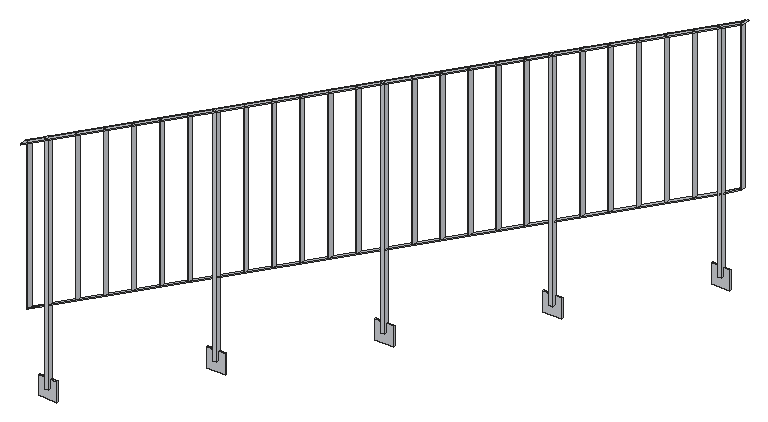
Revit family "AVLN_Ограждение типовое_4 секции", category Специальное оборудование, Revit 2019
Family settings
  Размер круглого соединителя = Использовать диаметр
  Тип детали = Нормальный
  На основе рабочей плоскости = Нет
  Всегда вертикально = Да
  При загрузке вырезать с полостями = Нет
  Общий = Нет
  Точка расчета площади = Нет
Parameters (values of type "Длина 3600")
  число стоек = if(Число стоек расчет < 2, 2, Число стоек расчет + 1)  # 3
  справа до стойки = 900 mm
  перепад высоты 1 = tan(Угол_реальный) * Шаг разделительных стоек  # 75 mm
  перепад высоты = tan(Угол_реальный) * Длина  # 1800 mm
  перепад высота 2 = tan(Угол_реальный) * Смещение крайних стоек  # 55 mm
  от 3 до4 стержня = 200 mm
  Ширина проступи = 300 mm
  Шаг разделительных стоек 4 = слева до стойки + Расстояние между стойками * 3 + Шаг разделительных стоек  # 3750 mm
  Шаг разделительных стоек 3 = слева до стойки + Расстояние между стойками * 2 + Шаг разделительных стоек  # 2850 mm
  Шаг разделительных стоек 2 = слева до стойки + Расстояние между стойками + Шаг разделительных стоек  # 1950 mm
  Шаг разделительных стоек 1 = слева до стойки + Шаг разделительных стоек  # 1050 mm
  Шаг разделительных стоек = 150 mm
  Число стоек расчет = (Длина - (слева до стойки + справа до стойки)) / Расстояние между стойками  # 2
  Число разделительных стоек 3 = if(Число стоек расчет < 2, 2, справа до стойки / Шаг разделительных стоек - 1)  # 5
  Число разделительных стоек 2 = if(Число стоек расчет < 2, 2, Расстояние между стойками / Шаг разделительных стоек - 1)  # 5
  Число разделительных стоек 1 = if(Число стоек расчет < 2, 2, слева до стойки / Шаг разделительных стоек - 1)  # 5
  Уклон по углу = no
  Угол_реальный = if(Уклон по углу, Угол, atan(Высота подступенка / Ширина проступи))  # 26.5651°
  Угол 2 = 90.00° - Угол_реальный  # 63.4349°
  Угол 1 = 145.00° - Угол_реальный  # 118.435°
  Угол = 20.00°
  Стойка последняя = yes
  Стойка первая = yes
  Стойка = направляющие : Прокат_квадрат_20х20
  Стержень_3 = направляющие : Прокат_квадрат_20х20
  Стержень_2 = направляющие : Прокат_квадрат_20х20
  Стержень_1 = направляющие : Прокат_квадрат_20х20
  Стержень 4 = направляющие : Прокат_полоса 25х4
  Смещение стоек по высоте справа = tan(Угол_реальный) * справа до стойки  # 450 mm
  Смещение стоек по высоте слева = tan(Угол_реальный) * слева до стойки  # 450 mm
  Смещение разделительных стоек 4 = tan(Угол_реальный) * Шаг разделительных стоек 4  # 1875 mm
  Смещение разделительных стоек 3 = tan(Угол_реальный) * Шаг разделительных стоек 3  # 1425 mm
  Смещение разделительных стоек 2 = tan(Угол_реальный) * Шаг разделительных стоек 2  # 975 mm
  Смещение разделительных стоек 1 = tan(Угол_реальный) * Шаг разделительных стоек 1  # 525 mm
  Смещение поручня по высоте = tan(Угол_реальный) * Вылет верхнего поручня лево  # 65 mm
  Смещение крайних стоек = 110 mm
  Расчет [instance] = ""
  Расстояние между стойками = 900 mm
  от поручня до стержня 1 = 200 mm
  от 2 до 3 стержня = 200 mm
  от 1 до 2 стержня = 200 mm
  слева до стойки = 900 mm
  высота поручня от ур.ч.п. = 1000 mm
  смещение вниз от ур.ч.п = 200 mm
  Стоимость = 0
  Расстояние до стены = 0 mm
  Разделительная стойка = направляющие : Прокат_полоса 25х4
  Позиция для ограждения = 0
  Перепад высоты верхнего поручня = tan(Угол_реальный) * (Длина + Вылет верхнего поручня лево + Вылет верхнего поручня право)  # 1930 mm
  Мега_массив = число стоек - 1  # 2
  Марка ограждения = ""
  Крепление к стене = Крепление к стене : 100 х 100 х 6_вертикальная
  Крайняя стойка длина = sqrt(перепад высота 2 ^ 2 + Смещение крайних стоек ^ 2)  # 122.984 mm
  Комментарии к типоразмеру = "тип 1"
  Keynote = ""
  Manufacturer = ""
  Заверщаюший сегмент справа = yes
  Заверщаюший сегмент слева = yes
  Длина_проверочная = (слева до стойки + справа до стойки) + ((число стоек - 1) * Расстояние между стойками)  # 3600 mm
  Длина гипотенузы верхнего поручня = sqrt(Перепад высоты верхнего поручня ^ 2 + (Длина + Вылет верхнего поручня лево + Вылет верхнего поручня право) ^ 2)  # 4315.611 mm
  Длина гипотенузы = sqrt(перепад высоты ^ 2 + Длина ^ 2)  # 4024.922 mm
  Длина = 3600 mm
  Высота разделительных стоек = от поручня до стержня 1 + от 1 до 2 стержня + от 2 до 3 стержня + от 3 до4 стержня  # 800 mm
  Высота стоек = высота поручня от ур.ч.п. + смещение вниз от ур.ч.п  # 1200 mm
  Высота подступенка = 150 mm
  Высота ограждения [instance] = 1200 mm
  Вылет верхнего поручня право = 130 mm
  Вылет верхнего поручня лево = 130 mm
  Видимость_стержень_4 = yes
  Видимость_стержень_3 = no
  Видимость_стержень_2 = no
  Видимость_стержень_1 = no
  Верхний поручень = направляющие : Прокат_полоса_40х4
  URL = ""
  ADSK_Позиция = ""
  ADSK_Обозначение = ""
  ADSK_Номер секции [instance] = ""
  ADSK_Наименование = ""
Types (3, lengths in mm): name | справа до стойки | перепад высоты | Шаг разделительных стоек 4 | Шаг разделительных стоек 3 | Шаг разделительных стоек 2 | Шаг разделительных стоек 1 | Число разделительных стоек 3 | Число разделительных стоек 2 | Число разделительных стоек 1 | Угол | Смещение стоек по высоте справа | Смещение стоек по высоте слева | Смещение разделительных стоек 4 | Смещение разделительных стоек 3 | Смещение разделительных стоек 2 | Смещение разделительных стоек 1 | Расстояние между стойками | слева до стойки | Перепад высоты верхнего поручня | Длина_проверочная | Длина гипотенузы верхнего поручня | Длина гипотенузы | Длина | Вылет верхнего поручня право
  Длина 3600 | 900 | 1800 | 3750 | 2850 | 1950 | 1050 | 5 | 5 | 5 | 20.00° | 450 | 450 | 1875 | 1425 | 975 | 525 | 900 | 900 | 1930 | 3600 | 4315.611 | 4024.922 | 3600 | 130
  Длина 3300 | 600 | 1650 | 3750 | 2850 | 1950 | 1050 | 3 | 5 | 5 | 20.00° | 300 | 450 | 1875 | 1425 | 975 | 525 | 900 | 900 | 1780 | 3300 | 3980.201 | 3689.512 | 3300 | 130
  Длина 2400 | 600 | 1200 | 2550 | 1950 | 1350 | 750 | 3 | 3 | 3 | 45.00° | 300 | 300 | 1275 | 975 | 675 | 375 | 600 | 600 | 1265 | 2400 | 2828.626 | 2683.282 | 2400 | 0
Reference planes
  plane 1 "По центру (Вперед/Назад)": y = 0
  plane 2: z = 0
  plane 3 "Слева": x = 0
  plane 4 "справа до стойки": x = 2700
  plane 5: z = 800
  plane 6: y = 10
  plane 7 "Слева до стойки": x = 900
  plane 8 "справа": x = 3600
  plane 9: z = -200
  plane 10: z = 1000
  plane 11 "2 стерженьь": z = 600
  plane 12 "3 стерженьь": z = 400
  plane 13: z = 1600
  plane 14 "1 стержень": z = 2600
  plane 15 "поручень": z = 2800
  plane 16 "2 стержень": z = 2400
  plane 17 "3 стержень": z = 2200
  plane 18: z = 1800
  plane 19: x = 1800
  plane 20: z = 1150
  plane 21: z = 250
  plane 22: x = 150
  plane 23: x = 2850
  plane 24 "4стержень": z = 200
  plane 25 "4 стержень": z = 2000
  plane 26: y = -10
  plane 27: y = 0
  plane 28: x = -130
  plane 29: z = 935
  plane 30: x = 4185.611
  plane 31: x = 1050
  plane 32: x = 1950
  plane 33: x = 2850
  plane 34 "Перекладина 1": z = 275
  plane 35 "Перекладина 2": z = 725
  plane 36 "Перекладина 3": z = 1175
  plane 37 "Перекладина 4": z = 1625
  plane 38 "Перекладина 5": z = 2075
  plane 39 "Перекладина 6": z = 350
  plane 40 "Перекладина 7": z = 800
  plane 41 "Перекладина 8": z = 1250
  plane 42 "Перекладина 9": z = 1700
  plane 43 "Перекладина 10": z = 2150
Lines and regions (mm)
  Masking region 1
    outline origin (750, -2.5, 250) x (1, 0, 0) y (0, 1, 0)
      loop
        circle (150, 0) r 10
  Masking region 2, not visible
    outline origin (-50, 0, 0) x (1, 0, 0) y (0, 1, 0)
      loop
        circle (150, 0) r 10
  Masking region 3
    outline origin (2550, -2.5, 1150) x (1, 0, 0) y (0, 1, 0)
      loop
        circle (150, 0) r 10
  Masking region 4
    outline origin (1050, 0, -200) x (1, 0, 0) y (0, 1, 0)
      loop
        circle (150, 0) r 10
  Masking region 5
    outline origin (1650, -2.5, 700) x (1, 0, 0) y (0, 1, 0)
      loop
        circle (150, 0) r 10
  reference lines
    curve 1: line (2570, 0, 935) -> (-130, 0, 935)
    curve 2: line (-130, 0, 935) -> (3730, 0, 2865)
    curve 3: line (3730, 0, 2865) -> (3707.639, 0, 2909.721)
    curve 4: line (0, 0, 800) -> (2700, 0, 800)
    curve 5: line (0, 0, 600) -> (2700, 0, 600)
    curve 6: line (0, 0, 400) -> (2700, 0, 400)
    curve 7: line (0, 0, 800) -> (3600, 0, 2600)
    curve 8: line (0, 0, 600) -> (3600, 0, 2400)
    curve 9: line (3600, 0, 2600) -> (3577.639, 0, 2644.721)
    curve 10: line (3600, 0, 2400) -> (3577.639, 0, 2444.721)
    curve 11: line (0, 0, 400) -> (3600, 0, 2200)
    curve 12: line (3600, 0, 2200) -> (3577.639, 0, 2244.721)
    curve 13: line (0, 0, 200) -> (2700, 0, 200)
    curve 14: line (0, 0, 200) -> (3600, 0, 2000)
    curve 15: line (3600, 0, 2000) -> (3577.639, 0, 2044.721)
  symbolic lines, style "SpecialityEquipment"
    curve 16: line (-130, 0, 2800) -> (4185.611, 0, 2800)
  symbolic lines
    curve 17: circle (900, -2.5, -1188.486) r 10 normal (0, 0, 1)
    curve 19: circle (2700, -2.5, -288.486) r 10 normal (0, 0, 1)
    curve 20: circle (1200, 0, -1638.486) r 10 normal (0, 0, 1)
    curve 21: circle (1800, -2.5, -738.486) r 10 normal (0, 0, 1)
  symbolic lines, not visible
    curve 18: circle (100, 0, -1438.486) r 10 normal (0, 0, 1)
Dimensions and locks
  plane 6 to plane 1 "По центру (Вперед/Назад)" = 10 mm
  "Длина": plane 8 "справа" to plane 3 "Слева"
  "слева до стойки": plane 7 "Слева до стойки" to plane 3 "Слева"
  plane 1 "По центру (Вперед/Назад)" to plane 6 = 10 mm
  "справа до стойки": plane 8 "справа" to plane 4 "справа до стойки"
  "высота поручня от ур.ч.п.": plane 10 to level
  "смещение вниз от ур.ч.п": plane 2 to plane 9
  "от поручня до стержня 1": plane 10 to plane 5
  "от 1 до 2 стержня": plane 5 to plane 11 "2 стерженьь"
  "от 2 до 3 стержня": plane 11 "2 стерженьь" to plane 12 "3 стерженьь"
  equal spacing: group 1, group 9, group 2  (x3)
  "Высота ограждения": plane 10 to plane 9
  "высота поручня от ур.ч.п.": plane 15 "поручень" to plane 18
  "от поручня до стержня 1": plane 15 "поручень" to plane 14 "1 стержень"
  "от 1 до 2 стержня": plane 14 "1 стержень" to plane 16 "2 стержень"
  "от 2 до 3 стержня": plane 16 "2 стержень" to plane 17 "3 стержень"
  "смещение вниз от ур.ч.п": plane 18 to plane 13
  equal spacing: plane 4 "справа до стойки", plane 19, plane 7 "Слева до стойки"
  "Длина гипотенузы верхнего поручня": curve 2 to curve 2
  "перепад высоты": plane 15 "поручень" to plane 10
  "Смещение стоек по высоте справа": plane 13 to plane 20
  "Смещение стоек по высоте слева": plane 21 to plane 9
  locked: curve 3 to curve 3 at 50
  locked: curve 9 to curve 9 at 50
  locked: curve 10 to curve 10 at 50
  locked: curve 12 to curve 12 at 50
  "Длина гипотенузы": curve 9 to curve 7
  "Длина гипотенузы": curve 10 to curve 8
  "Длина гипотенузы": curve 12 to curve 11
  equal spacing: group 3, group 10, group 4  (x3)
  locked: curve 15 to curve 15 at 50
  "от 3 до4 стержня": plane 17 "3 стержень" to plane 25 "4 стержень"
  "Длина гипотенузы": curve 15 to nested 9
  "от 3 до4 стержня": plane 12 "3 стерженьь" to plane 24 "4стержень"
  equal spacing: plane 26, plane 1 "По центру (Вперед/Назад)", plane 6
  locked: plane 26 to plane 6 at 20
  "Расстояние до стены": plane 27 to plane 1 "По центру (Вперед/Назад)"
  "Вылет верхнего поручня лево": plane 28 to plane 3 "Слева"
  "Смещение поручня по высоте": plane 10 to plane 29
  "Длина гипотенузы верхнего поручня": plane 28 to plane 30
  "Шаг разделительных стоек": plane 22 to plane 3 "Слева"
  equal spacing: group 12, group 13, group 20, group 24, group 25  (x3)
  "Шаг разделительных стоек": plane 31 to plane 7 "Слева до стойки"
  equal spacing: group 14, group 15, group 21, group 26, group 27  (x3)
  "Шаг разделительных стоек": plane 23 to plane 4 "справа до стойки"
  equal spacing: group 16, group 17, group 22, group 28, group 29  (x3)
  "Шаг разделительных стоек": nested 21 to plane 32
  equal spacing: group 18, group 19, group 23, group 30, group 31  (x3)
  "Шаг разделительных стоек": nested 23 to plane 33
  "Шаг разделительных стоек": nested 17 to plane 22
  "Шаг разделительных стоек": nested 19 to plane 31
  "перепад высоты 1": plane 39 "Перекладина 6" to plane 34 "Перекладина 1"
  "перепад высоты 1": plane 40 "Перекладина 7" to plane 35 "Перекладина 2"
  "перепад высоты 1": plane 41 "Перекладина 8" to plane 36 "Перекладина 3"
  "перепад высоты 1": plane 42 "Перекладина 9" to plane 37 "Перекладина 4"
  "перепад высоты 1": plane 43 "Перекладина 10" to plane 38 "Перекладина 5"
  "перепад высоты 1": plane 34 "Перекладина 1" to plane 24 "4стержень"
  "Шаг разделительных стоек 1": plane 31 to plane 3 "Слева"
  "Шаг разделительных стоек 2": plane 32 to plane 3 "Слева"
  "Шаг разделительных стоек 3": plane 33 to plane 3 "Слева"
  plane 23 to plane 3 "Слева" = 2850 mm
  "Смещение разделительных стоек 1": plane 35 "Перекладина 2" to plane 24 "4стержень"
  "Смещение разделительных стоек 2": plane 36 "Перекладина 3" to plane 24 "4стержень"
  "Смещение разделительных стоек 3": plane 37 "Перекладина 4" to plane 24 "4стержень"
  "Смещение разделительных стоек 4": plane 38 "Перекладина 5" to plane 24 "4стержень"
  "Смещение крайних стоек": plane 3 "Слева" to nested 29
  "Смещение крайних стоек": nested 28 to plane 8 "справа"
  "перепад высота 2": nested 28 to plane 25 "4 стержень"
  "перепад высота 2": plane 24 "4стержень" to nested 29
  "Угол_реальный": angle curve 1 to curve 2
  locked: curve 3 to curve 2 (angle 90.00°)
  locked: curve 9 to curve 7 (angle 90.00°)
  locked: curve 10 to curve 8 (angle 90.00°)
  locked: curve 12 to curve 11 (angle 90.00°)
  "Угол_реальный": angle curve 4 to curve 7
  "Угол_реальный": angle curve 5 to curve 8
  "Угол_реальный": angle curve 6 to curve 11
  locked: curve 15 to curve 14 (angle 90.00°)
  "Угол_реальный": angle curve 13 to curve 14
  aligned and locked: level to plane 2
  aligned and locked: plane 7 "Слева до стойки" to nested 2
  aligned and locked: plane 4 "справа до стойки" to nested 4
  aligned and locked: nested 1 to curve 2
  aligned and locked: nested 1 to curve 3
  aligned and locked: curve 4 to plane 5
  aligned and locked: curve 5 to plane 11 "2 стерженьь"
  aligned and locked: nested 5 to curve 7
  aligned and locked: nested 6 to curve 8
  aligned and locked: nested 7 to curve 11
  aligned and locked: nested 7 to curve 12
  aligned and locked: nested 6 to curve 10
  aligned and locked: nested 5 to curve 9
  aligned and locked: nested 1 to plane 1 "По центру (Вперед/Назад)"
  aligned and locked: plane 4 "справа до стойки" to nested 8
  aligned and locked: plane 20 to nested 8
  aligned and locked: nested 3 to plane 1 "По центру (Вперед/Назад)"
  aligned and locked: nested 8 to plane 1 "По центру (Вперед/Назад)"
  aligned and locked: curve 13 to plane 24 "4стержень"
  aligned and locked: nested 9 to curve 14  (x2)
  aligned and locked: nested 9 to curve 15
  aligned and locked: plane 1 "По центру (Вперед/Назад)" to curve 16
  aligned and locked: plane 7 "Слева до стойки" to curve 17
  aligned and locked: plane 8 "справа" to curve 15
  aligned and locked: curve 6 to plane 12 "3 стерженьь"
  aligned and locked: nested 3 to plane 21
  aligned and locked: nested 2 to plane 21
  aligned and locked: plane 20 to nested 4
  aligned and locked: plane 7 "Слева до стойки" to nested 3
  aligned and locked: plane 27 to nested 2
  aligned and locked: nested 4 to plane 27
  aligned and locked: curve 1 to plane 29
  aligned and locked: plane 28 to curve 1
  aligned and locked: plane 28 to curve 16
  aligned and locked: plane 30 to curve 16
  aligned and locked: nested 11 to plane 8 "справа"
  aligned and locked: plane 8 "справа" to nested 10
  aligned and locked: plane 10 to nested 13
  aligned and locked: plane 9 to nested 13
  aligned and locked: nested 12 to plane 9
  aligned and locked: plane 3 "Слева" to nested 13
  aligned and locked: plane 3 "Слева" to nested 12
  aligned and locked: nested 10 to nested 11
  aligned and locked: nested 11 to plane 13
  aligned and locked: plane 13 to nested 10
  aligned and locked: plane 22 to nested 16
  aligned and locked: plane 31 to nested 18
  aligned and locked: plane 32 to nested 20
  aligned and locked: plane 33 to nested 22
  aligned and locked: plane 34 "Перекладина 1" to nested 16
  aligned and locked: plane 35 "Перекладина 2" to nested 18
  aligned and locked: plane 36 "Перекладина 3" to nested 20
  aligned and locked: plane 37 "Перекладина 4" to nested 22
  aligned and locked: plane 42 "Перекладина 9" to nested 23
  aligned and locked: plane 41 "Перекладина 8" to nested 21
  aligned and locked: plane 39 "Перекладина 6" to nested 17
  aligned and locked: plane 40 "Перекладина 7" to nested 19
Automatic sketch dimensions
  curve 5 to plane 3 "Слева" = 0 mm
  curve 14 to plane 3 "Слева" = 0 mm
  curve 4 to plane 3 "Слева" = 0 mm
  curve 11 to plane 3 "Слева" = 0 mm
  radius of Masking region 1 sketch curve = 10 mm
  radius of Masking region 2 sketch curve = 10 mm
  radius of Masking region 3 sketch curve = 10 mm
  radius of Masking region 4 sketch curve = 10 mm
  radius of Masking region 5 sketch curve = 10 mm
Nested families
  nested 1: "направляющие" at (3730, -20, 2865) x (-0.8944, 0, -0.4472) z (0, -1, 0), type <- "Верхний поручень", Длина <- "Длина гипотенузы верхнего поручня", Марка ограждения <- "Марка ограждения", ADSK_Номер секции <- "ADSK_Номер секции", Расчет <- "Расчет", ADSK_Позиция <- "ADSK_Позиция", type "Прокат_полоса_40х4", detail levels fine
    with Расчет "", Марка ограждения "", Длина 4315.611 mm, ADSK_Размер_Длина 4315.611 mm, ADSK_Позиция "", ADSK_Номер секции "", ADSK_Масса 21.5781, ADSK_Марка ""
  nested 2: "Крепление к стене" at (900, 6, 200), type <- "Крепление к стене", ADSK_Номер секции <- "ADSK_Номер секции", Марка ограждения <- "Марка ограждения", Расчет <- "Расчет", ADSK_Позиция <- "ADSK_Позиция", type "100 х 100 х 6_вертикальная"
    with Расчет "", Марка ограждения "", ADSK_Примечание "", ADSK_Позиция "", ADSK_Номер секции ""
  nested 3: "направляющие" at (900, -10, 250) x (0, 0, 1) z (0, -1, 0), Длина <- "Высота стоек", type <- "Стойка", ADSK_Номер секции <- "ADSK_Номер секции", Марка ограждения <- "Марка ограждения", Расчет <- "Расчет", ADSK_Позиция <- "ADSK_Позиция", type "Прокат_квадрат_20х20"
    with Расчет "", Марка ограждения "", Длина 1200 mm, ADSK_Размер_Длина 1200 mm, ADSK_Позиция "", ADSK_Номер секции "", ADSK_Масса 6, ADSK_Марка ""
  nested 4: "Крепление к стене" at (2700, 6, 1100), type <- "Крепление к стене", ADSK_Номер секции <- "ADSK_Номер секции", Марка ограждения <- "Марка ограждения", Расчет <- "Расчет", ADSK_Позиция <- "ADSK_Позиция", type "100 х 100 х 6_вертикальная"
    with Расчет "", Марка ограждения "", ADSK_Примечание "", ADSK_Позиция "", ADSK_Номер секции ""
  nested 5: "направляющие" at (3600, -7.5, 2600) x (-0.8944, 0, -0.4472) z (0, -1, 0), type <- "Стержень_1", Длина <- "Длина гипотенузы", visible <- "Видимость_стержень_1", Марка ограждения <- "Марка ограждения", ADSK_Номер секции <- "ADSK_Номер секции", Расчет <- "Расчет", ADSK_Позиция <- "ADSK_Позиция", type "Прокат_квадрат_20х20"
    with Расчет "", Марка ограждения "", Длина 4024.922 mm, ADSK_Размер_Длина 4024.922 mm, ADSK_Позиция "", ADSK_Номер секции "", ADSK_Масса 20.1246, ADSK_Марка ""
  nested 6: "направляющие" at (3600, -7.5, 2400) x (-0.8944, 0, -0.4472) z (0, -1, 0), type <- "Стержень_2", Длина <- "Длина гипотенузы", visible <- "Видимость_стержень_2", Марка ограждения <- "Марка ограждения", ADSK_Номер секции <- "ADSK_Номер секции", Расчет <- "Расчет", ADSK_Позиция <- "ADSK_Позиция", type "Прокат_квадрат_20х20"
    with Расчет "", Марка ограждения "", Длина 4024.922 mm, ADSK_Размер_Длина 4024.922 mm, ADSK_Позиция "", ADSK_Номер секции "", ADSK_Масса 20.1246, ADSK_Марка ""
  nested 7: "направляющие" at (3600, -7.5, 2200) x (-0.8944, 0, -0.4472) z (0, -1, 0), type <- "Стержень_3", Длина <- "Длина гипотенузы", visible <- "Видимость_стержень_3", Марка ограждения <- "Марка ограждения", ADSK_Номер секции <- "ADSK_Номер секции", Расчет <- "Расчет", ADSK_Позиция <- "ADSK_Позиция", type "Прокат_квадрат_20х20"
    with Расчет "", Марка ограждения "", Длина 4024.922 mm, ADSK_Размер_Длина 4024.922 mm, ADSK_Позиция "", ADSK_Номер секции "", ADSK_Масса 20.1246, ADSK_Марка ""
  nested 8: "направляющие" at (2700, -10, 1150) x (0, 0, 1) z (0, -1, 0), Длина <- "Высота стоек", type <- "Стойка", ADSK_Номер секции <- "ADSK_Номер секции", Марка ограждения <- "Марка ограждения", Расчет <- "Расчет", ADSK_Позиция <- "ADSK_Позиция", type "Прокат_квадрат_20х20"
    with Расчет "", Марка ограждения "", Длина 1200 mm, ADSK_Размер_Длина 1200 mm, ADSK_Позиция "", ADSK_Номер секции "", ADSK_Масса 6, ADSK_Марка ""
  nested 9: "направляющие" at (3600, -7.5, 2000) x (-0.8944, 0, -0.4472) z (0, -1, 0), type <- "Стержень 4", Длина <- "Длина гипотенузы", visible <- "Видимость_стержень_4", Марка ограждения <- "Марка ограждения", ADSK_Номер секции <- "ADSK_Номер секции", Расчет <- "Расчет", ADSK_Позиция <- "ADSK_Позиция", type "Прокат_полоса 25х4"
    with Расчет "", Марка ограждения "", Длина 4024.922 mm, ADSK_Размер_Длина 4024.922 mm, ADSK_Позиция "", ADSK_Номер секции "", ADSK_Масса 20.1246, ADSK_Марка ""
  nested 10: "Крепление к стене" at (3600, 6, 1550), type <- "Крепление к стене", ADSK_Номер секции <- "ADSK_Номер секции", Марка ограждения <- "Марка ограждения", Расчет <- "Расчет", visible <- "Стойка первая", ADSK_Позиция <- "ADSK_Позиция", type "100 х 100 х 6_вертикальная"
    with Расчет "", Марка ограждения "", ADSK_Номер секции ""
  nested 11: "направляющие" at (3600, -7.5, 1600) x (0, 0, 1) z (0, -1, 0), Длина <- "Высота стоек", type <- "Стойка", ADSK_Номер секции <- "ADSK_Номер секции", Марка ограждения <- "Марка ограждения", Расчет <- "Расчет", visible <- "Стойка первая", ADSK_Позиция <- "ADSK_Позиция", type "Прокат_квадрат_20х20"
    with Расчет "", Марка ограждения "", Длина 1200 mm, ADSK_Размер_Длина 1200 mm, ADSK_Позиция "", ADSK_Номер секции "", ADSK_Масса 6, ADSK_Марка ""
  nested 12: "Крепление к стене" at (0, 6, -250), type <- "Крепление к стене", ADSK_Номер секции <- "ADSK_Номер секции", Марка ограждения <- "Марка ограждения", Расчет <- "Расчет", visible <- "Стойка последняя", ADSK_Позиция <- "ADSK_Позиция", type "100 х 100 х 6_вертикальная"
    with Расчет "", Марка ограждения "", ADSK_Примечание "", ADSK_Позиция "", ADSK_Номер секции ""
  nested 13: "направляющие" at (0, -7.5, -200) x (0, 0, 1) z (0, -1, 0), Длина <- "Высота стоек", type <- "Стойка", ADSK_Номер секции <- "ADSK_Номер секции", Марка ограждения <- "Марка ограждения", Расчет <- "Расчет", visible <- "Стойка последняя", ADSK_Позиция <- "ADSK_Позиция", type "Прокат_квадрат_20х20"
    with Расчет "", Марка ограждения "", Длина 1200 mm, ADSK_Размер_Длина 1200 mm, ADSK_Позиция "", ADSK_Номер секции "", ADSK_Масса 6, ADSK_Марка ""
  nested 14: "Крепление к стене" at (1800, 6, 650), type <- "Крепление к стене", ADSK_Номер секции <- "ADSK_Номер секции", Марка ограждения <- "Марка ограждения", Расчет <- "Расчет", ADSK_Позиция <- "ADSK_Позиция", type "100 х 100 х 6_вертикальная"
    with Расчет "", Марка ограждения "", ADSK_Примечание "", ADSK_Позиция "", ADSK_Номер секции ""
  nested 15: "направляющие" at (1800, -10, 700) x (0, 0, 1) z (0, -1, 0), Длина <- "Высота стоек", type <- "Стойка", ADSK_Номер секции <- "ADSK_Номер секции", Марка ограждения <- "Марка ограждения", Расчет <- "Расчет", ADSK_Позиция <- "ADSK_Позиция", type "Прокат_квадрат_20х20"
    with Расчет "", Марка ограждения "", Длина 1200 mm, ADSK_Размер_Длина 1200 mm, ADSK_Позиция "", ADSK_Номер секции "", ADSK_Масса 6, ADSK_Марка ""
  nested 16: "направляющие" at (150, 0, 275) x (0, 0, 1) z (0, -1, 0), Длина <- "Высота разделительных стоек", type <- "Разделительная стойка", ADSK_Позиция <- "ADSK_Позиция", type "Прокат_полоса 25х4"
    with Расчет "", Марка ограждения "", Длина 800 mm, ADSK_Размер_Длина 800 mm, ADSK_Позиция "", ADSK_Номер секции "", ADSK_Масса 4, ADSK_Марка ""
  nested 17: "направляющие" at (300, 0, 350) x (0, 0, 1) z (0, -1, 0), Длина <- "Высота разделительных стоек", type <- "Разделительная стойка", ADSK_Позиция <- "ADSK_Позиция", type "Прокат_полоса 25х4"
    with Расчет "", Марка ограждения "", Длина 800 mm, ADSK_Размер_Длина 800 mm, ADSK_Позиция "", ADSK_Номер секции "", ADSK_Масса 4, ADSK_Марка ""
  nested 18: "направляющие" at (1050, 0, 725) x (0, 0, 1) z (0, -1, 0), Длина <- "Высота разделительных стоек", type <- "Разделительная стойка", ADSK_Позиция <- "ADSK_Позиция", type "Прокат_полоса 25х4"
    with Расчет "", Марка ограждения "", Длина 800 mm, ADSK_Размер_Длина 800 mm, ADSK_Позиция "", ADSK_Номер секции "", ADSK_Масса 4, ADSK_Марка ""
  nested 19: "направляющие" at (1200, 0, 800) x (0, 0, 1) z (0, -1, 0), Длина <- "Высота разделительных стоек", type <- "Разделительная стойка", ADSK_Позиция <- "ADSK_Позиция", type "Прокат_полоса 25х4"
    with Расчет "", Марка ограждения "", Длина 800 mm, ADSK_Размер_Длина 800 mm, ADSK_Позиция "", ADSK_Номер секции "", ADSK_Масса 4, ADSK_Марка ""
  nested 20: "направляющие" at (1950, 0, 1175) x (0, 0, 1) z (0, -1, 0), Длина <- "Высота разделительных стоек", type <- "Разделительная стойка", ADSK_Позиция <- "ADSK_Позиция", type "Прокат_полоса 25х4"
    with Расчет "", Марка ограждения "", Длина 800 mm, ADSK_Размер_Длина 800 mm, ADSK_Позиция "", ADSK_Номер секции "", ADSK_Масса 4, ADSK_Марка ""
  nested 21: "направляющие" at (2100, 0, 1250) x (0, 0, 1) z (0, -1, 0), Длина <- "Высота разделительных стоек", type <- "Разделительная стойка", ADSK_Позиция <- "ADSK_Позиция", type "Прокат_полоса 25х4"
    with Расчет "", Марка ограждения "", Длина 800 mm, ADSK_Размер_Длина 800 mm, ADSK_Позиция "", ADSK_Номер секции "", ADSK_Масса 4, ADSK_Марка ""
  nested 22: "направляющие" at (2850, 0, 1625) x (0, 0, 1) z (0, -1, 0), Длина <- "Высота разделительных стоек", type <- "Разделительная стойка", ADSK_Позиция <- "ADSK_Позиция", type "Прокат_полоса 25х4"
    with Расчет "", Марка ограждения "", Длина 800 mm, ADSK_Размер_Длина 800 mm, ADSK_Позиция "", ADSK_Номер секции "", ADSK_Масса 4, ADSK_Марка ""
  nested 23: "направляющие" at (3000, 0, 1700) x (0, 0, 1) z (0, -1, 0), Длина <- "Высота разделительных стоек", type <- "Разделительная стойка", ADSK_Позиция <- "ADSK_Позиция", type "Прокат_полоса 25х4"
    with Расчет "", Марка ограждения "", Длина 800 mm, ADSK_Размер_Длина 800 mm, ADSK_Позиция "", ADSK_Номер секции "", ADSK_Масса 4, ADSK_Марка ""
  nested 24: "направляющие" at (450, 0, 425) x (0, 0, 1) z (0, -1, 0), Длина <- "Высота разделительных стоек", type <- "Разделительная стойка", ADSK_Позиция <- "ADSK_Позиция", type "Прокат_полоса 25х4"
    with Расчет "", Марка ограждения "", Длина 800 mm, ADSK_Размер_Длина 800 mm, ADSK_Позиция "", ADSK_Номер секции "", ADSK_Масса 4, ADSK_Марка ""
  nested 25: "направляющие" at (1350, 0, 875) x (0, 0, 1) z (0, -1, 0), Длина <- "Высота разделительных стоек", type <- "Разделительная стойка", ADSK_Позиция <- "ADSK_Позиция", type "Прокат_полоса 25х4"
    with Расчет "", Марка ограждения "", Длина 800 mm, ADSK_Размер_Длина 800 mm, ADSK_Позиция "", ADSK_Номер секции "", ADSK_Масса 4, ADSK_Марка ""
  nested 26: "направляющие" at (2250, 0, 1325) x (0, 0, 1) z (0, -1, 0), Длина <- "Высота разделительных стоек", type <- "Разделительная стойка", ADSK_Позиция <- "ADSK_Позиция", type "Прокат_полоса 25х4"
    with Расчет "", Марка ограждения "", Длина 800 mm, ADSK_Размер_Длина 800 mm, ADSK_Позиция "", ADSK_Номер секции "", ADSK_Масса 4, ADSK_Марка ""
  nested 27: "направляющие" at (3150, 0, 1775) x (0, 0, 1) z (0, -1, 0), Длина <- "Высота разделительных стоек", type <- "Разделительная стойка", ADSK_Позиция <- "ADSK_Позиция", type "Прокат_полоса 25х4"
    with Расчет "", Марка ограждения "", Длина 800 mm, ADSK_Размер_Длина 800 mm, ADSK_Позиция "", ADSK_Номер секции "", ADSK_Масса 4, ADSK_Марка ""
  nested 28: "Финальные направляющие" at (3708, 0, 2055) x (0, 0, 1) z (0, -1, 0), Длина <- "Высота разделительных стоек", Длина сегмента <- "Крайняя стойка длина", Угол 1 <- "Угол 1", visible <- "Заверщаюший сегмент справа", ADSK_Позиция <- "ADSK_Позиция", type "Прокат_полоса 25х4"
    with Угол 1/вспомогательный 118.435°, Угол 1 118.435°, Расчет "", Марка ограждения "", Длина сегмента 122.984 mm, Длина 800 mm, ADSK_Размер_Длина 922.984 mm, ADSK_Позиция "", ADSK_Номер секции "", ADSK_Масса 2.529
  nested 29: "Финальные направляющие" at (-108, 0, 145) x (0, 0, 1) z (0, -1, 0), Длина <- "Высота разделительных стоек", Угол 1 <- "Угол 2", Длина сегмента <- "Крайняя стойка длина", visible <- "Заверщаюший сегмент слева", ADSK_Позиция <- "ADSK_Позиция", type "Прокат_полоса 25х4"
    with Угол 1/вспомогательный 63.4349°, Угол 1 63.4349°, Расчет "", Марка ограждения "", Длина сегмента 122.984 mm, Длина 800 mm, ADSK_Размер_Длина 922.984 mm, ADSK_Позиция "", ADSK_Номер секции "", ADSK_Масса 2.529
  nested 30: "направляющие" at (600, 0, 500) x (0, 0, 1) z (0, -1, 0), Длина <- "Высота разделительных стоек", type <- "Разделительная стойка", ADSK_Позиция <- "ADSK_Позиция", type "Прокат_полоса 25х4"
    with Расчет "", Марка ограждения "", Длина 800 mm, ADSK_Размер_Длина 800 mm, ADSK_Позиция "", ADSK_Номер секции "", ADSK_Масса 4, ADSK_Марка ""
  nested 31: "направляющие" at (750, 0, 575) x (0, 0, 1) z (0, -1, 0), Длина <- "Высота разделительных стоек", type <- "Разделительная стойка", ADSK_Позиция <- "ADSK_Позиция", type "Прокат_полоса 25х4"
    with Расчет "", Марка ограждения "", Длина 800 mm, ADSK_Размер_Длина 800 mm, ADSK_Позиция "", ADSK_Номер секции "", ADSK_Масса 4, ADSK_Марка ""
  nested 32: "направляющие" at (1500, 0, 950) x (0, 0, 1) z (0, -1, 0), Длина <- "Высота разделительных стоек", type <- "Разделительная стойка", ADSK_Позиция <- "ADSK_Позиция", type "Прокат_полоса 25х4"
    with Расчет "", Марка ограждения "", Длина 800 mm, ADSK_Размер_Длина 800 mm, ADSK_Позиция "", ADSK_Номер секции "", ADSK_Масса 4, ADSK_Марка ""
  nested 33: "направляющие" at (1650, 0, 1025) x (0, 0, 1) z (0, -1, 0), Длина <- "Высота разделительных стоек", type <- "Разделительная стойка", ADSK_Позиция <- "ADSK_Позиция", type "Прокат_полоса 25х4"
    with Расчет "", Марка ограждения "", Длина 800 mm, ADSK_Размер_Длина 800 mm, ADSK_Позиция "", ADSK_Номер секции "", ADSK_Масса 4, ADSK_Марка ""
  nested 34: "направляющие" at (2400, 0, 1400) x (0, 0, 1) z (0, -1, 0), Длина <- "Высота разделительных стоек", type <- "Разделительная стойка", ADSK_Позиция <- "ADSK_Позиция", type "Прокат_полоса 25х4"
    with Расчет "", Марка ограждения "", Длина 800 mm, ADSK_Размер_Длина 800 mm, ADSK_Позиция "", ADSK_Номер секции "", ADSK_Масса 4, ADSK_Марка ""
  nested 35: "направляющие" at (2550, 0, 1475) x (0, 0, 1) z (0, -1, 0), Длина <- "Высота разделительных стоек", type <- "Разделительная стойка", ADSK_Позиция <- "ADSK_Позиция", type "Прокат_полоса 25х4"
    with Расчет "", Марка ограждения "", Длина 800 mm, ADSK_Размер_Длина 800 mm, ADSK_Позиция "", ADSK_Номер секции "", ADSK_Масса 4, ADSK_Марка ""
  nested 36: "направляющие" at (3300, 0, 1850) x (0, 0, 1) z (0, -1, 0), Длина <- "Высота разделительных стоек", type <- "Разделительная стойка", ADSK_Позиция <- "ADSK_Позиция", type "Прокат_полоса 25х4"
    with Расчет "", Марка ограждения "", Длина 800 mm, ADSK_Размер_Длина 800 mm, ADSK_Позиция "", ADSK_Номер секции "", ADSK_Масса 4, ADSK_Марка ""
  nested 37: "направляющие" at (3450, 0, 1925) x (0, 0, 1) z (0, -1, 0), Длина <- "Высота разделительных стоек", type <- "Разделительная стойка", ADSK_Позиция <- "ADSK_Позиция", type "Прокат_полоса 25х4"
    with Расчет "", Марка ограждения "", Длина 800 mm, ADSK_Размер_Длина 800 mm, ADSK_Позиция "", ADSK_Номер секции "", ADSK_Масса 4, ADSK_Марка ""
Definition of nested family "направляющие"
  Parameters (values of type "Прокат_полоса_40х4")
    Ширина = 4 mm
    Число = 0 mm
    Труба_круг = no
    Труба_квадрат = yes
    Толщина стенки трубы = 1 mm
    Расчет [instance] = ""
    Прокат_круг = no
    Прокат_квадрат = no
    Позиция для ограждения = 0
    Default Elevation = 1219.2 mm
    Масса = 0.00 kg
    Марка ограждения [instance] = ""
    Model = "Элемент ограждения"  # constant formula
    Высота/Диаметр = 40 mm
    Description = "ОГ"
    Длина [instance] = 1150 mm
    ADSK_Размер_Длина [instance] = Длина  # 1150 mm
    ADSK_Позиция [instance] = ""
    ADSK_Обозначение = "С235 ГОСТ27772-2015"
    ADSK_Номер секции [instance] = ""
    ADSK_Наименование = "Полоса 4х25 ГОСТ 103-2006"
    ADSK_Масса погонного метра = 5  # constant formula
    ADSK_Масса [instance] = ADSK_Масса погонного метра * ADSK_Размер_Длина / 1000 mm  # 5.75
    ADSK_Марка [instance] = ""
  Types (6, lengths in mm): name | Ширина | Труба_круг | Труба_квадрат | Толщина стенки трубы | Прокат_круг | Прокат_квадрат | Высота/Диаметр | Description
    Труба_квадрат_40х100 | 40 | no | yes | 2.5 | no | no | 100 | "ОГ"
    Труба_круг_50х2.5 | 15 | yes | no | 2.5 | no | no | 50 | "ОГ"
    Прокат_круг_20х2,5 | 15 | no | no | 2.5 | yes | no | 20 | "ОГ"
    Прокат_квадрат_20х20 | 20 | no | no | 2.5 | no | yes | 20 | "ОГ"
    Прокат_полоса 25х4 | 4 | no | no | 1 | no | yes | 25 | ""
    Прокат_полоса_40х4 | 4 | no | yes | 1 | no | no | 40 | "ОГ"
  Reference planes
    plane 1 "По центру (Вперед/Назад)": y = 0
    plane 2: z = 0
    plane 3 "По центру (Влево/Вправо)": x = 0
    plane 4: x = 1150
    plane 5: z = -40
    plane 6: z = -20
    plane 7: y = -2
    plane 8: y = 2
    plane 9: x = 575
  Forms (mm)
    Sweep 1, solid, visible <- "Труба_круг"
      path in 3D
        loop
          line (0, 0, 0) -> (1150, 0, 0)
      profile "круглый профиль_полый : Круглый профиль_полый" origin (575, 0, 0) x (0, 1, 0) y (0, 0, 1)
        loop
          circle (0, -20) r 19
        loop
          circle (0, -20) r 20
    Sweep 2, solid, visible <- "Труба_квадрат"
      path in 3D
        loop
          line (0, 0, 0) -> (1150, 0, 0)
      profile "квадратный профиль_полый : Круглый профиль_полый" origin (575, 0, 0) x (0, 1, 0) y (0, 0, 1)
        loop
          line (-1, -1) -> (-1, -39) -> (1, -39) -> (1, -1) -> (-1, -1)
        loop
          line (-2, 0) -> (-2, -40) -> (2, -40) -> (2, 0) -> (-2, 0)
    Sweep 3, solid, visible <- "Прокат_квадрат"
      path in 3D
        loop
          line (0, 0, 0) -> (1150, 0, 0)
      profile "квадратный профиль : Круглый профиль_полый" origin (575, 0, 0) x (0, 1, 0) y (0, 0, 1)
        loop
          line (-2, 0) -> (-2, -40) -> (2, -40) -> (2, 0) -> (-2, 0)
    Sweep 4, solid, visible <- "Прокат_круг"
      path in 3D
        loop
          line (0, 0, 0) -> (1150, 0, 0)
      profile "круглый профиль : Круглый профиль_полый" origin (575, 0, 0) x (0, 1, 0) y (0, 0, 1)
        loop
          circle (0, -20) r 20
  Lines and regions (mm)
    reference lines
      curve 1: line (0, 0, 0) -> (0, 0, -40)
      curve 2: line (0, 3, 0) -> (0, -3, 0)
      curve 3: line (0, 0, 0) -> (1150, 0, 0)
      curve 4: line (0, -2, -20) -> (0, 2, -20)
      curve 5: line (0, 0, -20) -> (1150, 0, -20)
      curve 6: line (0, -2, 0) -> (0, 2, 0)
      curve 7: line (0, -2, -40) -> (0, -2, 0)
      curve 8: line (0, 2, -40) -> (0, -2, -40)
      curve 9: line (0, 2, 0) -> (0, 2, -40)
      curve 10: line (0, 0, -40) -> (1150, 0, -40)
    sketch lines
      curve 11: line (0, 0, 0) -> (1150, 0, 0)
      curve 12: line (0, 0, 0) -> (1150, 0, 0)
      curve 13: line (0, 0, 0) -> (1150, 0, 0)
      curve 14: line (0, 0, 0) -> (1150, 0, 0)
  Dimensions and locks
    "Длина": plane 4 to plane 3 "По центру (Влево/Вправо)"
    "Ширина": plane 7 to plane 8
    "Высота/Диаметр": plane 2 to plane 5
    equal spacing: plane 2, plane 6, plane 5
    equal spacing: plane 7, plane 1 "По центру (Вперед/Назад)", plane 8
    equal spacing: plane 3 "По центру (Влево/Вправо)", plane 9, plane 4
    aligned and locked: level to plane 2
    aligned and locked: plane 1 "По центру (Вперед/Назад)" to curve 1
    aligned and locked: curve 2 to plane 2
    aligned and locked: plane 3 "По центру (Влево/Вправо)" to curve 3
    aligned and locked: plane 4 to curve 3
    aligned and locked: plane 1 "По центру (Вперед/Назад)" to curve 3
    aligned and locked: curve 4 to plane 6
    aligned and locked: plane 8 to curve 4
    aligned and locked: plane 7 to curve 4
    aligned and locked: plane 5 to curve 1
    aligned and locked: plane 2 to curve 1
    aligned and locked: plane 2 to curve 3  (x2)
    aligned and locked: plane 3 "По центру (Влево/Вправо)" to curve 5
    aligned and locked: plane 4 to curve 5
    aligned and locked: curve 5 to plane 6
    aligned and locked: plane 7 to curve 7
    aligned and locked: plane 5 to curve 8
    aligned and locked: curve 9 to plane 8
    aligned and locked: curve 6 to plane 2
    aligned and locked: curve 1 to curve 10
    aligned and locked: Sweep 1 to curve 10
    aligned and locked: curve 10 to plane 5
    aligned and locked: plane 1 "По центру (Вперед/Назад)" to curve 5  (x3)
    aligned and locked: plane 6 to curve 5  (x2)
    aligned and locked: plane 3 "По центру (Влево/Вправо)" to Sweep 2
    aligned and locked: Sweep 2 to plane 4
    aligned and locked: plane 3 "По центру (Влево/Вправо)" to curve 6
    aligned and locked: plane 4 to Sweep 2  (x2)
    aligned and locked: plane 3 "По центру (Влево/Вправо)" to Sweep 1
    aligned and locked: Sweep 1 to plane 4
    aligned and locked: Sweep 4 to plane 4
    aligned and locked: plane 3 "По центру (Влево/Вправо)" to Sweep 4
    aligned and locked: plane 3 "По центру (Влево/Вправо)" to Sweep 3
    aligned and locked: Sweep 3 to plane 4
  Automatic sketch dimensions
    plane 7 to curve 2 = 5 mm
    curve 2 to plane 8 = 5 mm
    plane 4 to curve 10 = 0 mm
Definition of nested family "Крепление к стене"
  Parameters (values of type "60х200 х 6_Горизонтальная")
    Ширина = 60 mm
    Число = 0 mm
    Толщина = 6 mm
    Расчет [instance] = ""
    Позиция для ограждения = 0
    Description = "ОГ"
    Масса = 15.00 kg
    Марка ограждения [instance] = ""
    Длина = 200 mm
    Горизонтальная = yes
    Вертикальная = not(Горизонтальная)  # no
    ADSK_Примечание [instance] = ""
    ADSK_Позиция [instance] = ""
    ADSK_Обозначение = ""
    ADSK_Номер секции [instance] = ""
    ADSK_Наименование = ""
  Types (2, lengths in mm): name | Ширина | Длина | Горизонтальная | Вертикальная
    60х200 х 6_Горизонтальная | 60 | 200 | yes | no
    100 х 100 х 6_вертикальная | 100 | 100 | no | yes
  Reference planes
    plane 1 "По центру (Вперед/Назад)": y = 0
    plane 2: z = 0
    plane 3 "По центру (Влево/Вправо)": x = 0
    plane 4: z = 106
    plane 5: z = 200
    plane 6: y = -6
    plane 7: x = -30
    plane 8: x = 30
    plane 9: z = 100
  Forms (mm)
    Extrusion 1, solid, visible <- "Горизонтальная"
      sketch origin (0, 0, 0) x (1, 0, 0) y (0, 1, 0)
        loop
          line (-30, 100) -> (-30, -100) -> (30, -100) -> (30, 100) -> (-30, 100)
      from 100 to 106
    Extrusion 2, solid, visible <- "Вертикальная"
      sketch origin (0, 0, 0) x (1, 0, 0) y (0, 0, 1)
        loop
          line (-30, 200) -> (-30, 0) -> (30, 0) -> (30, 200) -> (-30, 200)
      from 0 to 6
  Dimensions and locks
    plane 9 to plane 4 = 6 mm
    equal spacing: Extrusion 1 sketch curve, plane 1 "По центру (Вперед/Назад)", Extrusion 1 sketch curve
    equal spacing: Extrusion 1 sketch curve, plane 3 "По центру (Влево/Вправо)", Extrusion 1 sketch curve
    plane 1 "По центру (Вперед/Назад)" to Extrusion 1 sketch curve = 100 mm
    plane 3 "По центру (Влево/Вправо)" to Extrusion 1 sketch curve = 30 mm
    "Ширина": Extrusion 1 to Extrusion 1
    "Длина": Extrusion 1 to Extrusion 1
    "Толщина": plane 6 to plane 1 "По центру (Вперед/Назад)"
    "Ширина": plane 8 to plane 7
    equal spacing: plane 8, plane 3 "По центру (Влево/Вправо)", plane 7
    "Длина": plane 5 to plane 2
    equal spacing: plane 5, plane 9, plane 2
    "Толщина": plane 4 to plane 9
    aligned and locked: level to plane 2
    aligned and locked: Extrusion 2 to plane 2
    aligned and locked: plane 5 to Extrusion 2  (x2)
    aligned and locked: Extrusion 2 to plane 6
    aligned and locked: Extrusion 2 to plane 1 "По центру (Вперед/Назад)"
    aligned and locked: Extrusion 2 to plane 7
    aligned and locked: plane 8 to Extrusion 2
    aligned and locked: Extrusion 1 to plane 9
    aligned and locked: plane 4 to Extrusion 1
    aligned and locked: plane 9 to Extrusion 1  (x2)
    aligned and locked: plane 8 to Extrusion 1  (x3)
    aligned and locked: Extrusion 1 to plane 7  (x2)
    aligned and locked: Extrusion 1 to plane 4
    aligned and locked: plane 7 to Extrusion 1
  Automatic sketch dimensions
    Extrusion 2 sketch curve to plane 4 = 106 mm
    Extrusion 2 sketch curve to plane 3 "По центру (Влево/Вправо)" = 30 mm
    plane 3 "По центру (Влево/Вправо)" to Extrusion 2 sketch curve = 30 mm
    Extrusion 2 sketch curve to Extrusion 2 sketch curve = 200 mm
Definition of nested family "Финальные направляющие"
  Parameters (values of type "Прокат_полоса 25х4")
    Ширина = 4 mm
    Число = 0 mm
    Угол 1/вспомогательный [instance] = if(Угол 1 > 179.00°, 179.00°, Угол 1)  # 109.00°
    Угол 1 [instance] = 109.00°
    Труба_круг = no
    Труба_квадрат = no
    Толщина стенки трубы = 1 mm
    Расчет [instance] = ""
    Прокат_круг = no
    Прокат_квадрат = yes
    Позиция для ограждения = 0
    Default Elevation = 1219.2 mm
    Масса = 0.00 kg
    Марка ограждения [instance] = ""
    Длина сегмента [instance] = 480 mm
    Model = "Элемент ограждения"  # constant formula
    Высота/Диаметр = 25 mm
    Description = "ОГ"
    Длина [instance] = 1150 mm
    ADSK_Размер_Длина [instance] = Длина + Длина сегмента  # 1630 mm
    ADSK_Позиция [instance] = ""
    ADSK_Обозначение = "С235 ГОСТ27772-2015"
    ADSK_Номер секции [instance] = ""
    ADSK_Наименование = "Полоса 4х25 ГОСТ 103-2006"
    ADSK_Масса погонного метра = 2.74
    ADSK_Масса [instance] = ADSK_Масса погонного метра * ADSK_Размер_Длина / 1000 mm  # 4.4662
  Types (6, lengths in mm): name | Ширина | Труба_круг | Труба_квадрат | Толщина стенки трубы | Прокат_круг | Прокат_квадрат | Высота/Диаметр
    Труба_квадрат_40х100 | 40 | no | yes | 2.5 | no | no | 100
    Труба_круг_50х2.5 | 15 | yes | no | 2.5 | no | no | 50
    Прокат_круг_20х2,5 | 15 | no | no | 2.5 | yes | no | 20
    Прокат_квадрат_20х20 | 20 | no | no | 2.5 | no | yes | 20
    Прокат_полоса 25х4 | 4 | no | no | 1 | no | yes | 25
    Прокат_полоса_40х4 | 4 | no | yes | 1 | no | no | 40
  Reference planes
    plane 1 "По центру (Вперед/Назад)": y = 0
    plane 2: z = 0
    plane 3 "По центру (Влево/Вправо)": x = 0
    plane 4: x = 1150
    plane 5: z = -25
    plane 6: z = -12.5
    plane 7: y = -2
    plane 8: y = 2
    plane 9: x = 575
  Forms (mm)
    Sweep 1, solid, visible <- "Труба_круг"
      path in 3D
        loop
          line (0, 0, 0) -> (1150, 0, 0)
      profile "круглый профиль_полый : Круглый профиль_полый" origin (575, 0, 0) x (0, 1, 0) y (0, 0, 1)
        loop
          circle (0, -12.5) r 11.5
        loop
          circle (0, -12.5) r 12.5
    Sweep 2, solid, visible <- "Труба_квадрат"
      path in 3D
        loop
          line (0, 0, 0) -> (1150, 0, 0)
      profile "квадратный профиль_полый : Круглый профиль_полый" origin (575, 0, 0) x (0, 1, 0) y (0, 0, 1)
        loop
          line (-1, -1) -> (-1, -24) -> (1, -24) -> (1, -1) -> (-1, -1)
        loop
          line (-2, 0) -> (-2, -25) -> (2, -25) -> (2, 0) -> (-2, 0)
    Sweep 3, solid, visible <- "Прокат_квадрат"
      path in 3D
        loop
          line (0, 0, 0) -> (1150, 0, 0)
      profile "квадратный профиль : Круглый профиль_полый" origin (575, 0, 0) x (0, 1, 0) y (0, 0, 1)
        loop
          line (-2, 0) -> (-2, -25) -> (2, -25) -> (2, 0) -> (-2, 0)
    Sweep 4, solid, visible <- "Прокат_круг"
      path in 3D
        loop
          line (0, 0, 0) -> (1150, 0, 0)
      profile "круглый профиль : Круглый профиль_полый" origin (575, 0, 0) x (0, 1, 0) y (0, 0, 1)
        loop
          circle (0, -12.5) r 12.5
    Sweep 5, solid
      path origin (0, 0, 0) x (1, 0, 0) y (0, 1, 0)
        loop
          line (-156.273, -453.849) -> (0, 0) -> (1150, 0)
      profile "квадратный профиль_полый : Круглый профиль_полый" origin (575, 0, 0) x (0, 1, 0) y (0, 0, 1)
        loop
          line (-1, -1) -> (-1, -24) -> (1, -24) -> (1, -1) -> (-1, -1)
        loop
          line (-2, 0) -> (-2, -25) -> (2, -25) -> (2, 0) -> (-2, 0)
  Lines and regions (mm)
    reference lines
      curve 1: line (0, 0, 0) -> (0, 0, -25)
      curve 2: line (0, 3, 0) -> (0, -3, 0)
      curve 3: line (0, 0, 0) -> (1150, 0, 0)
      curve 4: line (0, -2, -12.5) -> (0, 2, -12.5)
      curve 5: line (0, 0, -12.5) -> (1150, 0, -12.5)
      curve 6: line (0, -2, 0) -> (0, 2, 0)
      curve 7: line (0, -2, -25) -> (0, -2, 0)
      curve 8: line (0, 2, -25) -> (0, -2, -25)
      curve 9: line (0, 2, 0) -> (0, 2, -25)
      curve 10: line (0, 0, -25) -> (1150, 0, -25)
      curve 15: line (0, 0, 0) -> (-156.273, -453.849, 0)
      curve 16: line (0, 0, 0) -> (-8.487, -24.648, 0)
    sketch lines
      curve 11: line (0, 0, 0) -> (1150, 0, 0)
      curve 12: line (0, 0, 0) -> (1150, 0, 0)
      curve 13: line (0, 0, 0) -> (1150, 0, 0)
      curve 14: line (0, 0, 0) -> (1150, 0, 0)
  Dimensions and locks
    "Длина": plane 4 to plane 3 "По центру (Влево/Вправо)"
    "Ширина": plane 7 to plane 8
    "Высота/Диаметр": plane 2 to plane 5
    equal spacing: plane 2, plane 6, plane 5
    equal spacing: plane 7, plane 1 "По центру (Вперед/Назад)", plane 8
    equal spacing: plane 3 "По центру (Влево/Вправо)", plane 9, plane 4
    "Длина сегмента": curve 15 to curve 15
    "Угол 1/вспомогательный": angle curve 15 to plane 1 "По центру (Вперед/Назад)"
    aligned and locked: level to plane 2
    aligned and locked: plane 1 "По центру (Вперед/Назад)" to curve 1
    aligned and locked: curve 2 to plane 2
    aligned and locked: plane 3 "По центру (Влево/Вправо)" to curve 3
    aligned and locked: plane 4 to curve 3
    aligned and locked: plane 1 "По центру (Вперед/Назад)" to curve 3
    aligned and locked: curve 4 to plane 6
    aligned and locked: plane 8 to curve 4
    aligned and locked: plane 7 to curve 4
    aligned and locked: plane 5 to curve 1
    aligned and locked: plane 2 to curve 1
    aligned and locked: plane 2 to curve 3  (x2)
    aligned and locked: plane 3 "По центру (Влево/Вправо)" to curve 5
    aligned and locked: plane 4 to curve 5
    aligned and locked: curve 5 to plane 6
    aligned and locked: plane 7 to curve 7
    aligned and locked: plane 5 to curve 8
    aligned and locked: curve 9 to plane 8
    aligned and locked: curve 6 to plane 2
    aligned and locked: curve 1 to curve 10
    aligned and locked: Sweep 1 to curve 10
    aligned and locked: curve 10 to plane 5
    aligned and locked: plane 1 "По центру (Вперед/Назад)" to curve 5  (x3)
    aligned and locked: plane 6 to curve 5  (x2)
    aligned and locked: plane 3 "По центру (Влево/Вправо)" to Sweep 2
    aligned and locked: Sweep 2 to plane 4
    aligned and locked: plane 3 "По центру (Влево/Вправо)" to curve 6
    aligned and locked: plane 4 to Sweep 2  (x2)
    aligned and locked: plane 3 "По центру (Влево/Вправо)" to Sweep 1
    aligned and locked: Sweep 1 to plane 4
    aligned and locked: Sweep 4 to plane 4
    aligned and locked: plane 3 "По центру (Влево/Вправо)" to Sweep 4
    aligned and locked: plane 3 "По центру (Влево/Вправо)" to Sweep 3
    aligned and locked: Sweep 3 to plane 4
    aligned and locked: curve 15 to Sweep 5 sketch curve
    aligned and locked: curve 3 to Sweep 5 sketch curve
    aligned and locked: Sweep 5 sketch curve to curve 15  (x2)
  Automatic sketch dimensions
    plane 7 to curve 2 = 5 mm
    curve 2 to plane 8 = 5 mm
    plane 4 to curve 10 = 0 mm
    Sweep 5 sketch curve to plane 4 = 0 mm
    curve 16 to plane 3 "По центру (Влево/Вправо)" = 8.487 mm
    curve 16 to plane 7 = 22.648 mm
